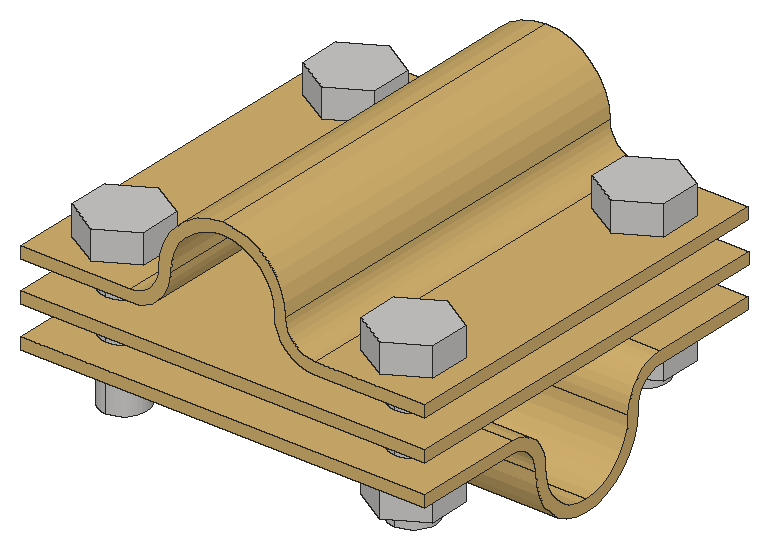
Revit family "FA_Крестовина_ЗажимСоединенительный_Пруток_Стержень_EZETEK", category Соединительные детали воздуховодов, Revit 2017
Family settings
  Размер круглого соединителя = Использовать радиус
  Тип детали = Крестовина
  На основе рабочей плоскости = Нет
  Всегда вертикально = Да
  При загрузке вырезать с полостями = Нет
  Общий = Нет
Parameters (values of type "ЗажимКрестообразный_Стержень_Стержень_Латунь_90530-1")
  УголПоворота_Низ [instance] = if(Графика_Повернуть_Низ, 90.00°, 0.00°)  # 0.00°
  УголПоворота_Верх [instance] = if(Графика_Повернуть_Верх, 0.00°, 90.00°)  # 0.00°
  Угол = 90.00°  # constant formula
  Тип = FA_ЗажимКрестообразный_Стержень_Стержень_EZETEK : ЗажимКрестообразный_Стержень-Стержень_Латунь_90530-1
  Смещение_Коннекторы [instance] = if(Графика_Сместить_ПоВертикали, 10.5 mm, 0 mm)  # 0 mm
  Группа модели = "Зажимы заземления"  # constant formula
  Графика_Повернуть_Низ [instance] = if(Графика_Повернуть_Верх, 1 = 0, 1 = 1)  # no
  Графика_Повернуть_Верх [instance] = yes
  Графика_Сместить_ПоВертикали [instance] = no
  Производитель_Контакты = "ezetek@ezetek.ru"  # constant formula
  built-in parameter 1114242 [instance] = 1 = 0  # (empty or 0)
  Изготовитель = "Ezetek"  # constant formula
  Видимость_Низ_90 [instance] = if(Графика_Повернуть_Низ, 1 = 1, 0 = 1)  # no
  Видимость_Низ_0 [instance] = if(Графика_Повернуть_Низ, 0 = 1, 1 = 1)  # yes
  Видимость_Верх_90 [instance] = if(Графика_Повернуть_Верх, 1 = 1, 0 = 1)  # yes
  Видимость_Верх_0 [instance] = if(Графика_Повернуть_Верх, 0 = 1, 1 = 1)  # no
  URL = "https://ezetek.ru/"
  R4 [instance] = 5 mm
  R3 [instance] = 5 mm
  R2 [instance] = 5 mm
  R1 [instance] = 5 mm
  ADSK_Этаж [instance] = ""
  ADSK_Размер_Радиус [instance] = R1  # 5 mm
  ADSK_Примечание [instance] = "Неспецифицируемое"  # constant formula
  ADSK_Позиция [instance] = "Неспецифицируемое"  # constant formula
  ADSK_Обозначение = "Неспецифицируемое"  # constant formula
  ADSK_Наименование краткое [instance] = "Неспецифицируемое"  # constant formula
  ADSK_Наименование = "Неспецифицируемое"  # constant formula
  ADSK_Материал = BIMLIB_Латунь_EZETEK
  ADSK_Масса_Текст = "Неспецифицируемое"  # constant formula
  ADSK_Масса = 0  # constant formula
  ADSK_Марка = "Неспецифицируемое"  # constant formula
  ADSK_Количество = 0  # constant formula
  ADSK_Код изделия = "Неспецифицируемое"  # constant formula
  ADSK_Завод-изготовитель = "Неспецифицируемое"  # constant formula
  ADSK_Единица измерения = "Неспецифицируемое"  # constant formula
  ADSK_Группирование [instance] = ""
  ADSK_Версия Revit = "2017"  # constant formula
Types (2, lengths in mm): name | Тип | ADSK_Материал
  ЗажимКрестообразный_Стержень_Стержень_СтальОцинкованная_90540-1 | FA_ЗажимКрестообразный_Стержень_Стержень_EZETEK : ЗажимКрестообразный_Стержень-Стержень_СтальОцинкованная_90540-1 | BIMLIB_Сталь_Оцинкованная_EZETEK
  ЗажимКрестообразный_Стержень_Стержень_Латунь_90530-1 | FA_ЗажимКрестообразный_Стержень_Стержень_EZETEK : ЗажимКрестообразный_Стержень-Стержень_Латунь_90530-1 | BIMLIB_Латунь_EZETEK
Reference planes
  plane 1 "По центру (Вперед/Назад)": y = 0
  plane 2: z = 0
  plane 3 "По центру (Влево/Вправо)": x = 0
  plane 4 "M": y = 0
  plane 5 "U": z = 0
  plane 6 "L": z = 0
  plane 7: z = -9.5
  plane 8: x = 0
Lines and regions (mm)
  reference lines
    curve 1: line (0, -2, 0) -> (0, 0, 0)
    curve 2: line (-2, 0, 0) -> (0, 0, 0)
Dimensions and locks
  equal spacing: curve 1, plane 8, curve 1
  equal spacing: curve 2, plane 4 "M", curve 2
  "Смещение_Коннекторы": plane 5 "U" to plane 2 to plane 6 "L"
  "УголПоворота_Верх": angle plane 3 "По центру (Влево/Вправо)" to curve 1
  "УголПоворота_Низ": angle plane 1 "По центру (Вперед/Назад)" to curve 2
  aligned and locked: level to plane 2
  aligned and locked: curve 1 to plane 5 "U"
Automatic sketch dimensions
  plane 1 "По центру (Вперед/Назад)" to curve 1 = 0 mm
  curve 2 to plane 3 "По центру (Влево/Вправо)" = 0 mm
Nested families
  nested 1: "FA_ЗажимКрестообразный_Стержень_Стержень_EZETEK" at (0, 0, 0) x (0, 1, 0) z (0, 0, 1), type <- "Тип", ADSK_Этаж <- "ADSK_Этаж", ADSK_Группирование <- "ADSK_Группирование", Верх_0 <- "Видимость_Верх_0", Верх_90 <- "Видимость_Верх_90", Низ_90 <- "Видимость_Низ_90", Низ_0 <- "Видимость_Низ_0", type "ЗажимКрестообразный_Стержень-Стержень_Латунь_90530-1", detail levels fine
    with Сместить стержни no, Низ_90 no, Низ_0 yes, Использовать масштаб аннотаций 0, Верх_90 yes, Верх_0 no, ADSK_Этаж "", ADSK_Примечание "", ADSK_Позиция "", ADSK_Наименование краткое "Зажим заземления", ADSK_Группирование ""
Connectors
  hvac at (0, -2, 0), driven by "R4"
    settings: on curve 1, index 1, duct flow 0.0 L/s, flow factor 0, pres drop 0.0 Pa, loss coef 0, conn angle 0.00°, conn width 304.8 mm, conn height 304.8 mm, conn diameter 10 mm, duct sys type 28, conn prof type 0, flow config 0, flow direction 0, loss method 0, conn ref index 2, conn util no, is conn primary yes, conn desc ""
  hvac at (0, 0, 0), driven by "R2"
    settings: on curve 1, index 2, duct flow 0.0 L/s, flow factor 0, pres drop 0.0 Pa, loss coef 0, conn angle 0.00°, conn width 304.8 mm, conn height 304.8 mm, conn diameter 10 mm, duct sys type 28, conn prof type 0, flow config 0, flow direction 0, loss method 0, conn ref index 1, conn util no, is conn primary no, conn desc ""
  hvac at (-2, 0, 0), driven by "R1", driven by "Угол"
    settings: on curve 2, index 3, duct flow 0.0 L/s, flow factor 0, pres drop 0.0 Pa, loss coef 0, conn angle 90.00°, conn width 304.8 mm, conn height 304.8 mm, conn diameter 10 mm, duct sys type 28, conn prof type 0, flow config 0, flow direction 0, loss method 0, conn ref index 4, conn util no, is conn primary no, conn desc ""
  hvac at (0, 0, 0), driven by "R3", driven by "Угол"
    settings: on curve 2, index 4, duct flow 0.0 L/s, flow factor 0, pres drop 0.0 Pa, loss coef 0, conn angle 90.00°, conn width 304.8 mm, conn height 304.8 mm, conn diameter 10 mm, duct sys type 28, conn prof type 0, flow config 0, flow direction 0, loss method 0, conn ref index 3, conn util no, is conn primary no, conn desc ""
Definition of nested family "FA_ЗажимКрестообразный_Стержень_Стержень_EZETEK"
  Parameters (values of type "ЗажимКрестообразный_Стержень-Стержень_Латунь")
    Угол = 90.00°  # constant formula
    Сместить стержни [instance] = yes
    Производитель_Контакты = "ezetek@ezetek.ru"  # constant formula
    Низ_0 [instance] = yes
    Низ_90 [instance] = yes
    Model = "Зажимы заземления"  # constant formula
    Верх_90 [instance] = yes
    Использовать масштаб аннотаций [instance] = 1 = 0  # 0
    Manufacturer = "Ezetek"  # constant formula
    Верх_0 [instance] = yes
    URL = "https://ezetek.ru/"
    ADSK_Этаж [instance] = ""
    ADSK_Примечание [instance] = ""
    ADSK_Позиция [instance] = ""
    ADSK_Обозначение = "90530-1"
    ADSK_Наименование краткое [instance] = "Зажим заземления"
    ADSK_Наименование = "Зажим заземления стержень — стержень крестообразный, латунь"
    ADSK_Материал = none
    ADSK_Масса_Текст = "0.305"  # constant formula
    ADSK_Масса = 0.305  # constant formula
    ADSK_Марка = "90530-1"
    ADSK_Количество = 1  # constant formula
    ADSK_Код изделия = "90530-1"
    ADSK_Завод-изготовитель = "Ezetek"  # constant formula
    ADSK_Единица измерения = "шт."  # constant formula
    ADSK_Группирование [instance] = ""
    ADSK_Версия Revit = "2017"  # constant formula
  Types (2, lengths in mm): name | ADSK_Обозначение | ADSK_Наименование | ADSK_Марка | ADSK_Код изделия
    ЗажимКрестообразный_Стержень-Стержень_Латунь | "90530-1" | "Зажим заземления стержень — стержень крестообразный, латунь" | "90530-1" | "90530-1"
    ЗажимКрестообразный_Стержень-Стержень_СтальОцинкованная | "90540-1" | "Зажим заземления стержень — стержень крестообразный, оцинк." | "90540-1" | "90540-1"
  Reference planes
    plane 1 "По центру (Вперед/Назад)": y = 0
    plane 2: z = 0
    plane 3 "По центру (Влево/Вправо)": x = 0
    plane 4: z = 1
    plane 5: z = -1
    plane 6: z = 8
    plane 7 "Up": z = 6
    plane 8: z = -6
    plane 9: z = -8
    plane 10: z = 13
    plane 11: z = -14.4
    plane 12: z = -17.11
    plane 13: z = 7
    plane 14: z = -7
    plane 15 "M": y = 0
    plane 16 "U": z = 9.5
    plane 17 "L": z = -9.5
    plane 18: z = -9.5
    plane 19: x = 0
    plane 20: x = -35
    plane 21: y = 35
    plane 22: y = -35
    plane 23: x = 35
  Forms (mm)
    Extrusion 1, solid, material <- "ADSK_Материал", detail levels fine
      sketch origin (0, 0, 0) x (1, 0, 0) y (0, 1, 0)
        loop
          line (-35, 35) -> (-35, -35) -> (35, -35) -> (35, 35) -> (-35, 35)
      from 1 to -1
    Blend 2, solid, material <- "ADSK_Материал", visible <- "Верх_0", detail levels fine
      base sketch origin (0, 0, 0) x (1, 0, 0) y (0, 0, 1)
        loop
          line (-35, 8) -> (-35, 6) -> (-15.918, 6)
          arc (-15.918, 6) -> (-11.013, 8.039) -> (-9, 12.954) r 6.918
          arc (-9, 12.954) -> (-6.38, 19.348) -> (0, 22) r 9
          arc (0, 22) -> (6.38, 19.348) -> (9, 12.954) r 9
          arc (9, 12.954) -> (11.013, 8.039) -> (15.918, 6) r 6.918
          line (15.918, 6) -> (35, 6) -> (35, 8) -> (16, 8)
          arc (16, 8) -> (12.464, 9.464) -> (11, 13) r 5
          arc (11, 13) -> (7.778, 20.778) -> (0, 24) r 11
          arc (0, 24) -> (-7.778, 20.778) -> (-11, 13) r 11
          arc (-11, 13) -> (-12.464, 9.464) -> (-16, 8) r 5
          line (-16, 8) -> (-35, 8)
      top sketch origin (0, 0, 0) x (1, 0, 0) y (0, 0, 1)
        loop
          arc (-15.918, 6) -> (-11.013, 8.039) -> (-9, 12.954) r 6.918
          arc (-9, 12.954) -> (-6.38, 19.348) -> (0, 22) r 9
          arc (0, 22) -> (6.38, 19.348) -> (9, 12.954) r 9
          arc (9, 12.954) -> (11.013, 8.039) -> (15.918, 6) r 6.918
          line (15.918, 6) -> (35, 6) -> (35, 8) -> (16, 8)
          arc (16, 8) -> (12.464, 9.464) -> (11, 13) r 5
          arc (11, 13) -> (7.778, 20.778) -> (0, 24) r 11
          arc (0, 24) -> (-7.778, 20.778) -> (-11, 13) r 11
          arc (-11, 13) -> (-12.464, 9.464) -> (-16, 8) r 5
          line (-16, 8) -> (-35, 8) -> (-35, 6) -> (-15.918, 6)
      from 35 to -35
    Blend 3, solid, material <- "ADSK_Материал", visible <- "Низ_0", detail levels fine
      base sketch origin (0, 0, 0) x (1, 0, 0) y (0, 0, 1)
        loop
          line (-35, -8) -> (-16, -8)
          arc (-16, -8) -> (-12.464, -9.464) -> (-11, -13) r 5
          arc (-11, -13) -> (-7.778, -20.778) -> (0, -24) r 11
          arc (0, -24) -> (7.778, -20.778) -> (11, -13) r 11
          arc (11, -13) -> (12.464, -9.464) -> (16, -8) r 5
          line (16, -8) -> (35, -8) -> (35, -6) -> (15.918, -6)
          arc (15.918, -6) -> (11.013, -8.039) -> (9, -12.954) r 6.918
          arc (9, -12.954) -> (6.38, -19.348) -> (0, -22) r 9
          arc (0, -22) -> (-6.38, -19.348) -> (-9, -12.954) r 9
          arc (-9, -12.954) -> (-11.013, -8.039) -> (-15.918, -6) r 6.918
          line (-15.918, -6) -> (-35, -6) -> (-35, -8)
      top sketch origin (0, 0, 0) x (1, 0, 0) y (0, 0, 1)
        loop
          line (-15.918, -6) -> (-35, -6) -> (-35, -8) -> (-16, -8)
          arc (-16, -8) -> (-12.464, -9.464) -> (-11, -13) r 5
          arc (-11, -13) -> (-7.778, -20.778) -> (0, -24) r 11
          arc (0, -24) -> (7.778, -20.778) -> (11, -13) r 11
          arc (11, -13) -> (12.464, -9.464) -> (16, -8) r 5
          line (16, -8) -> (35, -8) -> (35, -6) -> (15.918, -6)
          arc (15.918, -6) -> (11.013, -8.039) -> (9, -12.954) r 6.918
          arc (9, -12.954) -> (6.38, -19.348) -> (0, -22) r 9
          arc (0, -22) -> (-6.38, -19.348) -> (-9, -12.954) r 9
          arc (-9, -12.954) -> (-11.013, -8.039) -> (-15.918, -6) r 6.918
      from 35 to -35
    Extrusion 4, solid, detail levels fine
      sketch origin (11, -25, 0) x (1, 0, 0) y (0, 1, 0)
        loop
          line (-39.603, 6.24) -> (-43.205, 0) -> (-39.603, -6.24) -> (-32.397, -6.24) -> (-28.795, 0) -> (-32.397, 6.24) -> (-39.603, 6.24)
      from 13 to 8
    Extrusion 5, solid, detail levels fine
      sketch origin (11, -25, 0) x (1, 0, 0) y (0, 1, 0)
        loop
          line (-39.603, 6.24) -> (-43.205, 0) -> (-39.603, -6.24) -> (-32.397, -6.24) -> (-28.795, 0) -> (-32.397, 6.24) -> (-39.603, 6.24)
      from -8 to -14.4
    Extrusion 6, solid, detail levels fine
      sketch origin (11, -25, 0) x (1, 0, 0) y (0, 1, 0)
        loop
          circle (-36, 0) r 3.9
      from 8 to -17.11
    Extrusion 7, solid, detail levels fine
      sketch origin (-11, -25, 0) x (-1, 0, 0) y (0, -1, 0)
        loop
          line (-39.603, -6.24) -> (-32.397, -6.24) -> (-28.795, 0) -> (-32.397, 6.24) -> (-39.603, 6.24) -> (-43.205, 0) -> (-39.603, -6.24)
      from 13 to 8
    Extrusion 8, solid, detail levels fine
      sketch origin (-11, -25, 0) x (-1, 0, 0) y (0, -1, 0)
        loop
          line (-39.603, -6.24) -> (-32.397, -6.24) -> (-28.795, 0) -> (-32.397, 6.24) -> (-39.603, 6.24) -> (-43.205, 0) -> (-39.603, -6.24)
      from -8 to -14.4
    Extrusion 9, solid, detail levels fine
      sketch origin (-11, -25, 0) x (-1, 0, 0) y (0, -1, 0)
        loop
          circle (-36, 0) r 3.9
      from 8 to -17.11
    Extrusion 10, solid, detail levels fine
      sketch origin (11, 25, 0) x (1, 0, 0) y (0, 1, 0)
        loop
          line (-39.603, -6.24) -> (-32.397, -6.24) -> (-28.795, 0) -> (-32.397, 6.24) -> (-39.603, 6.24) -> (-43.205, 0) -> (-39.603, -6.24)
      from 13 to 8
    Extrusion 11, solid, detail levels fine
      sketch origin (11, 25, 0) x (1, 0, 0) y (0, 1, 0)
        loop
          circle (-36, 0) r 3.9
      from 8 to -17.11
    Extrusion 12, solid, detail levels fine
      sketch origin (-11, 25, 0) x (-1, 0, 0) y (0, -1, 0)
        loop
          line (-39.603, 6.24) -> (-43.205, 0) -> (-39.603, -6.24) -> (-32.397, -6.24) -> (-28.795, 0) -> (-32.397, 6.24) -> (-39.603, 6.24)
      from 13 to 8
    Extrusion 13, solid, detail levels fine
      sketch origin (-11, 25, 0) x (-1, 0, 0) y (0, -1, 0)
        loop
          circle (-36, 0) r 3.9
      from 8 to -17.11
    Blend 14, solid, material <- "ADSK_Материал", visible <- "Верх_90", detail levels fine
      base sketch origin (0, 0, 0) x (0, 1, 0) y (0, 0, 1)
        loop
          line (-35, 8) -> (-35, 6) -> (-15.918, 6)
          arc (-15.918, 6) -> (-11.013, 8.039) -> (-9, 12.954) r 6.918
          arc (-9, 12.954) -> (-6.38, 19.348) -> (0, 22) r 9
          arc (0, 22) -> (6.38, 19.348) -> (9, 12.954) r 9
          arc (9, 12.954) -> (11.013, 8.039) -> (15.918, 6) r 6.918
          line (15.918, 6) -> (35, 6) -> (35, 8) -> (16, 8)
          arc (16, 8) -> (12.464, 9.464) -> (11, 13) r 5
          arc (11, 13) -> (7.778, 20.778) -> (0, 24) r 11
          arc (0, 24) -> (-7.778, 20.778) -> (-11, 13) r 11
          arc (-11, 13) -> (-12.464, 9.464) -> (-16, 8) r 5
          line (-16, 8) -> (-35, 8)
      top sketch origin (0, 0, 0) x (0, 1, 0) y (0, 0, 1)
        loop
          arc (-15.918, 6) -> (-11.013, 8.039) -> (-9, 12.954) r 6.918
          arc (-9, 12.954) -> (-6.38, 19.348) -> (0, 22) r 9
          arc (0, 22) -> (6.38, 19.348) -> (9, 12.954) r 9
          arc (9, 12.954) -> (11.013, 8.039) -> (15.918, 6) r 6.918
          line (15.918, 6) -> (35, 6) -> (35, 8) -> (16, 8)
          arc (16, 8) -> (12.464, 9.464) -> (11, 13) r 5
          arc (11, 13) -> (7.778, 20.778) -> (0, 24) r 11
          arc (0, 24) -> (-7.778, 20.778) -> (-11, 13) r 11
          arc (-11, 13) -> (-12.464, 9.464) -> (-16, 8) r 5
          line (-16, 8) -> (-35, 8) -> (-35, 6) -> (-15.918, 6)
      from 35 to -35
    Blend 15, solid, material <- "ADSK_Материал", visible <- "Низ_90", detail levels fine
      base sketch origin (0, 0, 0) x (0, 1, 0) y (0, 0, 1)
        loop
          line (-35, -8) -> (-16, -8)
          arc (-16, -8) -> (-12.464, -9.464) -> (-11, -13) r 5
          arc (-11, -13) -> (-7.778, -20.778) -> (0, -24) r 11
          arc (0, -24) -> (7.778, -20.778) -> (11, -13) r 11
          arc (11, -13) -> (12.464, -9.464) -> (16, -8) r 5
          line (16, -8) -> (35, -8) -> (35, -6) -> (15.918, -6)
          arc (15.918, -6) -> (11.013, -8.039) -> (9, -12.954) r 6.918
          arc (9, -12.954) -> (6.38, -19.348) -> (0, -22) r 9
          arc (0, -22) -> (-6.38, -19.348) -> (-9, -12.954) r 9
          arc (-9, -12.954) -> (-11.013, -8.039) -> (-15.918, -6) r 6.918
          line (-15.918, -6) -> (-35, -6) -> (-35, -8)
      top sketch origin (0, 0, 0) x (0, 1, 0) y (0, 0, 1)
        loop
          line (-15.918, -6) -> (-35, -6) -> (-35, -8) -> (-16, -8)
          arc (-16, -8) -> (-12.464, -9.464) -> (-11, -13) r 5
          arc (-11, -13) -> (-7.778, -20.778) -> (0, -24) r 11
          arc (0, -24) -> (7.778, -20.778) -> (11, -13) r 11
          arc (11, -13) -> (12.464, -9.464) -> (16, -8) r 5
          line (16, -8) -> (35, -8) -> (35, -6) -> (15.918, -6)
          arc (15.918, -6) -> (11.013, -8.039) -> (9, -12.954) r 6.918
          arc (9, -12.954) -> (6.38, -19.348) -> (0, -22) r 9
          arc (0, -22) -> (-6.38, -19.348) -> (-9, -12.954) r 9
          arc (-9, -12.954) -> (-11.013, -8.039) -> (-15.918, -6) r 6.918
      from 35 to -35
  Dimensions and locks
    locked: plane 2 to plane 5 at 1
    locked: plane 4 to plane 2 at 1
    plane 4 to plane 5 = 2 mm
    locked: plane 6 to plane 7 "Up" at 2
    locked: plane 8 to plane 9 at 2
    locked: plane 10 to plane 6 at 5
    locked: plane 7 "Up" to plane 4 at 5
    locked: plane 5 to plane 8 at 5
    locked: plane 9 to plane 11 at 6.4
    locked: plane 11 to plane 12 at 2.71
    equal spacing: plane 6, plane 13, plane 7 "Up"
    equal spacing: plane 8, plane 14, plane 9
    plane 20 to plane 3 "По центру (Влево/Вправо)" = 35 mm
    locked: plane 15 "M" to plane 21 at 35
    locked: plane 1 "По центру (Вперед/Назад)" to plane 22 at 35
    plane 23 to plane 3 "По центру (Влево/Вправо)" = 35 mm
    aligned and locked: level to plane 2
    aligned and locked: Blend 2 sketch curve to plane 6
    aligned and locked: plane 7 "Up" to Blend 2 sketch curve
    aligned and locked: Extrusion 1 sketch curve to plane 20
    aligned and locked: plane 21 to Blend 2
    aligned and locked: plane 22 to Blend 2
    aligned and locked: Blend 2 sketch curve to plane 23  (x2)
    aligned and locked: Blend 2 to Extrusion 1
    aligned and locked: plane 21 to Extrusion 1
    aligned and locked: plane 22 to Extrusion 1
  Automatic sketch dimensions
    plane 22 to Extrusion 1 sketch curve = 0 mm
    Extrusion 1 sketch curve to plane 23 = 0 mm
    Extrusion 1 sketch curve to plane 21 = 0 mm
    Blend 2 sketch curve to Blend 2 sketch curve = 0 mm  (x28)
    Blend 2 sketch curve to plane 6 = 0 mm  (x3)
    plane 20 to Blend 2 sketch curve = 0 mm  (x2)
    Blend 2 sketch curve to plane 10 = 0 mm  (x2)
    Blend 2 sketch curve to plane 7 "Up" = 0 mm  (x3)
    Blend 2 sketch curve to plane 3 "По центру (Влево/Вправо)" = 0 mm  (x2)
    Blend 2 sketch curve to plane 3 "По центру (Влево/Вправо)" = 16 mm  (x2)
    Blend 2 sketch curve to Blend 2 sketch curve = 0.082 mm  (x4)
    Blend 2 sketch curve to plane 10 = 0.082 mm  (x4)
    plane 3 "По центру (Влево/Вправо)" to Blend 2 sketch curve = 15.918 mm  (x2)
    Blend 3 sketch curve to Blend 3 sketch curve = 0 mm  (x28)
    Blend 3 sketch curve to plane 9 = 0 mm  (x4)
    plane 20 to Blend 3 sketch curve = 0 mm  (x2)
    Blend 3 sketch curve to plane 8 = 0 mm  (x4)
    Blend 3 sketch curve to plane 3 "По центру (Влево/Вправо)" = 0 mm  (x2)
    Blend 3 sketch curve to plane 23 = 0 mm  (x2)
    Blend 3 sketch curve to plane 3 "По центру (Влево/Вправо)" = 16 mm  (x2)
    Blend 3 sketch curve to Blend 3 sketch curve = 0.082 mm  (x6)
    plane 11 to Blend 3 sketch curve = 1.482 mm  (x3)
    plane 3 "По центру (Влево/Вправо)" to Blend 3 sketch curve = 15.918 mm  (x2)
    plane 11 to Blend 3 sketch curve = 1.4 mm
    Extrusion 4 sketch curve to plane 20 = 2.795 mm
    Extrusion 4 sketch curve to plane 20 = 6.397 mm  (x2)
    Extrusion 4 sketch curve to plane 22 = 3.76 mm
    Extrusion 4 sketch curve to Extrusion 4 sketch curve = 7.205 mm  (x2)
    Extrusion 4 sketch curve to Extrusion 4 sketch curve = 3.603 mm
    Extrusion 4 sketch curve to Extrusion 4 sketch curve = 6.24 mm  (x3)
    Extrusion 5 sketch curve to plane 20 = 2.795 mm
    Extrusion 5 sketch curve to plane 20 = 6.397 mm  (x2)
    Extrusion 5 sketch curve to plane 22 = 3.76 mm
    Extrusion 5 sketch curve to Extrusion 5 sketch curve = 7.205 mm  (x2)
    Extrusion 5 sketch curve to Extrusion 5 sketch curve = 3.603 mm
    Extrusion 5 sketch curve to Extrusion 5 sketch curve = 6.24 mm  (x3)
    Extrusion 6 sketch curve to plane 20 = 10 mm
    Extrusion 6 sketch curve to plane 22 = 10 mm
    plane 23 to Extrusion 7 sketch curve = 2.795 mm
    plane 23 to Extrusion 7 sketch curve = 6.397 mm  (x2)
    plane 22 to Extrusion 7 sketch curve = 3.76 mm
    Extrusion 7 sketch curve to Extrusion 7 sketch curve = 7.205 mm  (x2)
    Extrusion 7 sketch curve to Extrusion 7 sketch curve = 3.603 mm
    Extrusion 7 sketch curve to Extrusion 7 sketch curve = 6.24 mm  (x3)
    plane 23 to Extrusion 8 sketch curve = 2.795 mm
    plane 23 to Extrusion 8 sketch curve = 6.397 mm  (x2)
    plane 22 to Extrusion 8 sketch curve = 3.76 mm
    Extrusion 8 sketch curve to Extrusion 8 sketch curve = 7.205 mm  (x2)
    Extrusion 8 sketch curve to Extrusion 8 sketch curve = 3.603 mm
    Extrusion 8 sketch curve to Extrusion 8 sketch curve = 6.24 mm  (x3)
    plane 23 to Extrusion 9 sketch curve = 10 mm
    plane 22 to Extrusion 9 sketch curve = 10 mm
    plane 20 to Extrusion 10 sketch curve = 2.795 mm
    plane 20 to Extrusion 10 sketch curve = 6.397 mm  (x2)
    plane 21 to Extrusion 10 sketch curve = 3.76 mm
    Extrusion 10 sketch curve to Extrusion 10 sketch curve = 7.205 mm  (x2)
    Extrusion 10 sketch curve to Extrusion 10 sketch curve = 3.603 mm
    Extrusion 10 sketch curve to Extrusion 10 sketch curve = 6.24 mm  (x3)
    plane 20 to Extrusion 11 sketch curve = 10 mm
    plane 21 to Extrusion 11 sketch curve = 10 mm
    Extrusion 12 sketch curve to plane 23 = 2.795 mm
    Extrusion 12 sketch curve to plane 23 = 6.397 mm  (x2)
    Extrusion 12 sketch curve to plane 21 = 3.76 mm
    Extrusion 12 sketch curve to Extrusion 12 sketch curve = 7.205 mm  (x2)
    Extrusion 12 sketch curve to Extrusion 12 sketch curve = 3.603 mm
    Extrusion 12 sketch curve to Extrusion 12 sketch curve = 6.24 mm  (x3)
    Extrusion 13 sketch curve to plane 23 = 10 mm
    Extrusion 13 sketch curve to plane 21 = 10 mm
    Blend 14 sketch curve to Blend 14 sketch curve = 0 mm  (x28)
    Blend 14 sketch curve to plane 6 = 0 mm  (x4)
    Blend 14 sketch curve to plane 22 = 0 mm  (x2)
    Blend 14 sketch curve to plane 10 = 0 mm  (x2)
    Blend 14 sketch curve to plane 7 "Up" = 0 mm  (x4)
    Blend 14 sketch curve to plane 1 "По центру (Вперед/Назад)" = 0 mm  (x2)
    Blend 14 sketch curve to plane 21 = 0 mm  (x2)
    plane 1 "По центру (Вперед/Назад)" to Blend 14 sketch curve = 16 mm  (x2)
    Blend 14 sketch curve to Blend 14 sketch curve = 0.082 mm  (x4)
    Blend 14 sketch curve to plane 10 = 0.082 mm  (x4)
    Blend 14 sketch curve to plane 1 "По центру (Вперед/Назад)" = 15.918 mm  (x2)
    Blend 15 sketch curve to Blend 15 sketch curve = 0 mm  (x28)
    Blend 15 sketch curve to plane 9 = 0 mm  (x4)
    Blend 15 sketch curve to plane 22 = 0 mm  (x2)
    Blend 15 sketch curve to plane 8 = 0 mm  (x4)
    Blend 15 sketch curve to plane 1 "По центру (Вперед/Назад)" = 0 mm  (x2)
    Blend 15 sketch curve to plane 21 = 0 mm  (x2)
    plane 1 "По центру (Вперед/Назад)" to Blend 15 sketch curve = 16 mm  (x2)
    Blend 15 sketch curve to Blend 15 sketch curve = 0.082 mm  (x6)
    plane 11 to Blend 15 sketch curve = 1.482 mm  (x3)
    Blend 15 sketch curve to plane 1 "По центру (Вперед/Назад)" = 15.918 mm  (x2)
    plane 11 to Blend 15 sketch curve = 1.4 mm
    radius of Extrusion 6 sketch curve = 3.9 mm
    radius of Extrusion 9 sketch curve = 3.9 mm
    radius of Extrusion 11 sketch curve = 3.9 mm
    radius of Extrusion 13 sketch curve = 3.9 mm
